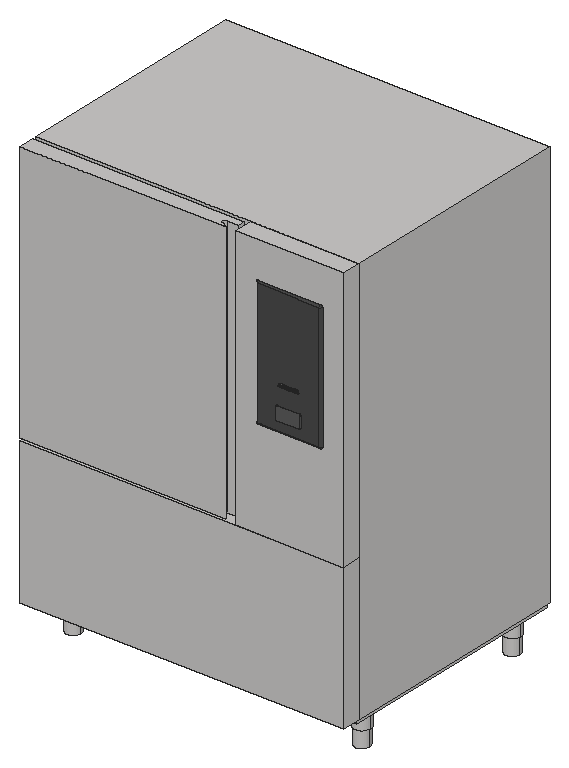
Revit family "QF_ALPENINOX_729255_ABFA12RE", category Specialty Equipment, Revit 2018 (continued)
Automatic sketch dimensions
  Split face 54 sketch curve to Extrusion 4 = 150.022 mm
  Split face 54 sketch curve to Split face 54 sketch curve = 110.016 mm
  Split face 54 sketch curve to Extrusion 4 = 147.5 mm
  Split face 54 sketch curve to Split face 54 sketch curve = 4.974 mm
  Split face 55 sketch curve to Extrusion 4 = 150.022 mm
  Split face 55 sketch curve to Split face 55 sketch curve = 110.016 mm
  Split face 55 sketch curve to Extrusion 4 = 157 mm
  Split face 55 sketch curve to Split face 55 sketch curve = 4.974 mm
  Split face 56 sketch curve to Extrusion 4 = 150.022 mm
  Split face 56 sketch curve to Split face 56 sketch curve = 110.016 mm
  Split face 56 sketch curve to Extrusion 4 = 166.5 mm
  Split face 56 sketch curve to Split face 56 sketch curve = 4.974 mm
  Split face 57 sketch curve to Extrusion 4 = 150.022 mm
  Split face 57 sketch curve to Split face 57 sketch curve = 110.016 mm
  Split face 57 sketch curve to Extrusion 4 = 176 mm
  Split face 57 sketch curve to Split face 57 sketch curve = 4.974 mm
  Split face 58 sketch curve to Extrusion 4 = 150.022 mm
  Split face 58 sketch curve to Split face 58 sketch curve = 110.016 mm
  Split face 58 sketch curve to Extrusion 4 = 185.5 mm
  Split face 58 sketch curve to Split face 58 sketch curve = 4.974 mm
  Split face 59 sketch curve to Extrusion 4 = 150.022 mm
  Split face 59 sketch curve to Split face 59 sketch curve = 110.016 mm
  Split face 59 sketch curve to Extrusion 4 = 195 mm
  Split face 59 sketch curve to Split face 59 sketch curve = 4.974 mm
  Split face 60 sketch curve to Extrusion 4 = 150.022 mm
  Split face 60 sketch curve to Split face 60 sketch curve = 110.016 mm
  Split face 60 sketch curve to Extrusion 4 = 204.5 mm
  Split face 60 sketch curve to Split face 60 sketch curve = 4.974 mm
  Split face 61 sketch curve to Extrusion 4 = 150.022 mm
  Split face 61 sketch curve to Split face 61 sketch curve = 110.016 mm
  Split face 61 sketch curve to Extrusion 4 = 214 mm
  Split face 61 sketch curve to Split face 61 sketch curve = 4.974 mm
  Split face 62 sketch curve to Extrusion 4 = 150.022 mm
  Split face 62 sketch curve to Split face 62 sketch curve = 110.016 mm
  Split face 62 sketch curve to Extrusion 4 = 223.5 mm
  Split face 62 sketch curve to Split face 62 sketch curve = 4.974 mm
  Split face 63 sketch curve to Extrusion 4 = 150.022 mm
  Split face 63 sketch curve to Split face 63 sketch curve = 110.016 mm
  Split face 63 sketch curve to Extrusion 4 = 233.001 mm
  Split face 63 sketch curve to Split face 63 sketch curve = 4.974 mm
  Split face 64 sketch curve to Extrusion 4 = 150.022 mm
  Split face 64 sketch curve to Split face 64 sketch curve = 110.016 mm
  Split face 64 sketch curve to Extrusion 4 = 242.501 mm
  Split face 64 sketch curve to Split face 64 sketch curve = 4.974 mm
  Split face 65 sketch curve to Extrusion 4 = 150.022 mm
  Split face 65 sketch curve to Split face 65 sketch curve = 110.016 mm
  Split face 65 sketch curve to Extrusion 4 = 252.001 mm
  Split face 65 sketch curve to Split face 65 sketch curve = 4.974 mm
  Split face 66 sketch curve to Extrusion 4 = 150.022 mm
  Split face 66 sketch curve to Split face 66 sketch curve = 110.016 mm
  Split face 66 sketch curve to Extrusion 4 = 261.501 mm
  Split face 66 sketch curve to Split face 66 sketch curve = 4.974 mm
  Split face 67 sketch curve to Extrusion 4 = 150.022 mm
  Split face 67 sketch curve to Split face 67 sketch curve = 110.016 mm
  Split face 67 sketch curve to Extrusion 4 = 271.001 mm
  Split face 67 sketch curve to Split face 67 sketch curve = 4.974 mm
  Split face 68 sketch curve to Extrusion 4 = 150.022 mm
  Split face 68 sketch curve to Split face 68 sketch curve = 110.016 mm
  Split face 68 sketch curve to Extrusion 4 = 279.479 mm
  Split face 68 sketch curve to Split face 68 sketch curve = 4.974 mm
  Split face 69 sketch curve to Extrusion 4 = 150.022 mm
  Split face 69 sketch curve to Split face 69 sketch curve = 110.016 mm
  Split face 69 sketch curve to Extrusion 4 = 269.979 mm
  Split face 69 sketch curve to Split face 69 sketch curve = 4.974 mm
  Split face 70 sketch curve to Extrusion 4 = 150.022 mm
  Split face 70 sketch curve to Split face 70 sketch curve = 110.016 mm
  Split face 70 sketch curve to Extrusion 4 = 260.479 mm
  Split face 70 sketch curve to Split face 70 sketch curve = 4.974 mm
  Split face 71 sketch curve to Extrusion 4 = 150.022 mm
  Split face 71 sketch curve to Split face 71 sketch curve = 110.016 mm
  Split face 71 sketch curve to Extrusion 4 = 250.978 mm
  Split face 71 sketch curve to Split face 71 sketch curve = 4.974 mm
  Split face 72 sketch curve to Extrusion 4 = 150.022 mm
  Split face 72 sketch curve to Split face 72 sketch curve = 110.016 mm
  Split face 72 sketch curve to Extrusion 4 = 241.478 mm
  Split face 72 sketch curve to Split face 72 sketch curve = 4.974 mm
  Split face 73 sketch curve to Extrusion 4 = 150.022 mm
  Split face 73 sketch curve to Split face 73 sketch curve = 110.016 mm
  Split face 73 sketch curve to Extrusion 4 = 231.978 mm
  Split face 73 sketch curve to Split face 73 sketch curve = 4.974 mm
  Split face 74 sketch curve to Extrusion 4 = 150.022 mm
  Split face 74 sketch curve to Split face 74 sketch curve = 110.016 mm
  Split face 74 sketch curve to Extrusion 4 = 222.478 mm
  Split face 74 sketch curve to Split face 74 sketch curve = 4.974 mm
  Split face 75 sketch curve to Extrusion 4 = 150.022 mm
  Split face 75 sketch curve to Split face 75 sketch curve = 110.016 mm
  Split face 75 sketch curve to Extrusion 4 = 212.978 mm
  Split face 75 sketch curve to Split face 75 sketch curve = 4.974 mm
  Split face 76 sketch curve to Extrusion 4 = 150.022 mm
  Split face 76 sketch curve to Split face 76 sketch curve = 110.016 mm
  Split face 76 sketch curve to Extrusion 4 = 203.478 mm
  Split face 76 sketch curve to Split face 76 sketch curve = 4.974 mm
  Split face 77 sketch curve to Extrusion 4 = 150.022 mm
  Split face 77 sketch curve to Split face 77 sketch curve = 110.016 mm
  Split face 77 sketch curve to Extrusion 4 = 193.978 mm
  Split face 77 sketch curve to Split face 77 sketch curve = 4.974 mm
  Split face 78 sketch curve to Extrusion 4 = 150.022 mm
  Split face 78 sketch curve to Split face 78 sketch curve = 110.016 mm
  Split face 78 sketch curve to Extrusion 4 = 184.478 mm
  Split face 78 sketch curve to Split face 78 sketch curve = 4.974 mm
  Split face 79 sketch curve to Extrusion 4 = 150.022 mm
  Split face 79 sketch curve to Split face 79 sketch curve = 110.016 mm
  Split face 79 sketch curve to Extrusion 4 = 174.978 mm
  Split face 79 sketch curve to Split face 79 sketch curve = 4.974 mm
  Split face 80 sketch curve to Extrusion 4 = 150.022 mm
  Split face 80 sketch curve to Split face 80 sketch curve = 110.016 mm
  Split face 80 sketch curve to Extrusion 4 = 165.478 mm
  Split face 80 sketch curve to Split face 80 sketch curve = 4.974 mm
  Split face 81 sketch curve to Extrusion 4 = 150.022 mm
  Split face 81 sketch curve to Split face 81 sketch curve = 110.016 mm
  Split face 81 sketch curve to Extrusion 4 = 155.978 mm
  Split face 81 sketch curve to Split face 81 sketch curve = 4.974 mm
  Split face 82 sketch curve to Extrusion 4 = 150.022 mm
  Split face 82 sketch curve to Split face 82 sketch curve = 110.016 mm
  Split face 82 sketch curve to Extrusion 4 = 146.478 mm
  Split face 82 sketch curve to Split face 82 sketch curve = 4.974 mm
  Split face 83 sketch curve to Extrusion 4 = 33.499 mm
  Split face 83 sketch curve to Extrusion 4 = 270.014 mm
  Split face 83 sketch curve to Extrusion 4 = 28.525 mm
  Split face 83 sketch curve to Split face 83 sketch curve = 110.016 mm
  Split face 84 sketch curve to Extrusion 4 = 42.999 mm
  Split face 84 sketch curve to Extrusion 4 = 270.014 mm
  Split face 84 sketch curve to Extrusion 4 = 38.025 mm
  Split face 84 sketch curve to Split face 84 sketch curve = 110.016 mm
  Split face 85 sketch curve to Extrusion 4 = 52.499 mm
  Split face 85 sketch curve to Extrusion 4 = 270.014 mm
  Split face 85 sketch curve to Extrusion 4 = 47.525 mm
  Split face 85 sketch curve to Split face 85 sketch curve = 110.016 mm
  Split face 86 sketch curve to Extrusion 4 = 61.999 mm
  Split face 86 sketch curve to Extrusion 4 = 270.014 mm
  Split face 86 sketch curve to Split face 86 sketch curve = 110.016 mm
  Split face 86 sketch curve to Split face 86 sketch curve = 4.974 mm
  Split face 87 sketch curve to Extrusion 4 = 71.499 mm
  Split face 87 sketch curve to Extrusion 4 = 270.014 mm
  Split face 87 sketch curve to Split face 87 sketch curve = 110.016 mm
  Split face 87 sketch curve to Split face 87 sketch curve = 4.974 mm
  Split face 88 sketch curve to Extrusion 4 = 80.999 mm
  Split face 88 sketch curve to Extrusion 4 = 270.014 mm
  Split face 88 sketch curve to Split face 88 sketch curve = 110.016 mm
  Split face 88 sketch curve to Split face 88 sketch curve = 4.974 mm
  Split face 89 sketch curve to Extrusion 4 = 90.499 mm
  Split face 89 sketch curve to Extrusion 4 = 270.014 mm
  Split face 89 sketch curve to Split face 89 sketch curve = 110.016 mm
  Split face 89 sketch curve to Split face 89 sketch curve = 4.974 mm
  Split face 90 sketch curve to Extrusion 4 = 99.999 mm
  Split face 90 sketch curve to Extrusion 4 = 270.014 mm
  Split face 90 sketch curve to Split face 90 sketch curve = 110.016 mm
  Split face 90 sketch curve to Split face 90 sketch curve = 4.974 mm
  Split face 91 sketch curve to Extrusion 4 = 109.499 mm
  Split face 91 sketch curve to Extrusion 4 = 270.014 mm
  Split face 91 sketch curve to Split face 91 sketch curve = 110.016 mm
  Split face 91 sketch curve to Split face 91 sketch curve = 4.974 mm
  Split face 92 sketch curve to Extrusion 4 = 119 mm
  Split face 92 sketch curve to Extrusion 4 = 270.014 mm
  Split face 92 sketch curve to Split face 92 sketch curve = 110.016 mm
  Split face 92 sketch curve to Split face 92 sketch curve = 4.974 mm
  Split face 93 sketch curve to Extrusion 4 = 128.5 mm
  Split face 93 sketch curve to Extrusion 4 = 270.014 mm
  Split face 93 sketch curve to Split face 93 sketch curve = 110.016 mm
  Split face 93 sketch curve to Split face 93 sketch curve = 4.974 mm
  Split face 94 sketch curve to Extrusion 4 = 270.014 mm
  Split face 94 sketch curve to Split face 94 sketch curve = 110.016 mm
  Split face 94 sketch curve to Extrusion 4 = 138 mm
  Split face 94 sketch curve to Split face 94 sketch curve = 4.974 mm
  Split face 95 sketch curve to Extrusion 4 = 270.014 mm
  Split face 95 sketch curve to Split face 95 sketch curve = 110.016 mm
  Split face 95 sketch curve to Extrusion 4 = 147.5 mm
  Split face 95 sketch curve to Split face 95 sketch curve = 4.974 mm
  Split face 96 sketch curve to Extrusion 4 = 270.014 mm
  Split face 96 sketch curve to Split face 96 sketch curve = 110.016 mm
  Split face 96 sketch curve to Extrusion 4 = 157 mm
  Split face 96 sketch curve to Split face 96 sketch curve = 4.974 mm
  Split face 97 sketch curve to Extrusion 4 = 270.014 mm
  Split face 97 sketch curve to Split face 97 sketch curve = 110.016 mm
  Split face 97 sketch curve to Extrusion 4 = 166.5 mm
  Split face 97 sketch curve to Split face 97 sketch curve = 4.974 mm
  Split face 98 sketch curve to Extrusion 4 = 270.014 mm
  Split face 98 sketch curve to Split face 98 sketch curve = 110.016 mm
  Split face 98 sketch curve to Extrusion 4 = 176 mm
  Split face 98 sketch curve to Split face 98 sketch curve = 4.974 mm
  Split face 99 sketch curve to Extrusion 4 = 270.014 mm
  Split face 99 sketch curve to Split face 99 sketch curve = 110.016 mm
  Split face 99 sketch curve to Extrusion 4 = 185.5 mm
  Split face 99 sketch curve to Split face 99 sketch curve = 4.974 mm
  Split face 100 sketch curve to Extrusion 4 = 270.014 mm
  Split face 100 sketch curve to Split face 100 sketch curve = 110.016 mm
  Split face 100 sketch curve to Extrusion 4 = 195 mm
  Split face 100 sketch curve to Split face 100 sketch curve = 4.974 mm
  Split face 101 sketch curve to Extrusion 4 = 270.014 mm
  Split face 101 sketch curve to Split face 101 sketch curve = 110.016 mm
  Split face 101 sketch curve to Extrusion 4 = 204.5 mm
  Split face 101 sketch curve to Split face 101 sketch curve = 4.974 mm
  Split face 102 sketch curve to Extrusion 4 = 270.014 mm
  Split face 102 sketch curve to Split face 102 sketch curve = 110.016 mm
  Split face 102 sketch curve to Extrusion 4 = 214 mm
  Split face 102 sketch curve to Split face 102 sketch curve = 4.974 mm
  Split face 103 sketch curve to Extrusion 4 = 270.014 mm
  Split face 103 sketch curve to Split face 103 sketch curve = 110.016 mm
  Split face 103 sketch curve to Extrusion 4 = 223.5 mm
  Split face 103 sketch curve to Split face 103 sketch curve = 4.974 mm
  Split face 104 sketch curve to Extrusion 4 = 270.014 mm
  Split face 104 sketch curve to Split face 104 sketch curve = 110.016 mm
  Split face 104 sketch curve to Extrusion 4 = 233.001 mm
  Split face 104 sketch curve to Split face 104 sketch curve = 4.974 mm
  Split face 105 sketch curve to Extrusion 4 = 270.014 mm
  Split face 105 sketch curve to Split face 105 sketch curve = 110.016 mm
  Split face 105 sketch curve to Extrusion 4 = 242.501 mm
  Split face 105 sketch curve to Split face 105 sketch curve = 4.974 mm
  Split face 106 sketch curve to Extrusion 4 = 270.014 mm
  Split face 106 sketch curve to Split face 106 sketch curve = 110.016 mm
  Split face 106 sketch curve to Extrusion 4 = 252.001 mm
  Split face 106 sketch curve to Split face 106 sketch curve = 4.974 mm
  Split face 107 sketch curve to Extrusion 4 = 270.014 mm
  Split face 107 sketch curve to Split face 107 sketch curve = 110.016 mm
  Split face 107 sketch curve to Extrusion 4 = 261.501 mm
  Split face 107 sketch curve to Split face 107 sketch curve = 4.974 mm
  Split face 108 sketch curve to Extrusion 4 = 270.014 mm
  Split face 108 sketch curve to Split face 108 sketch curve = 110.016 mm
  Split face 108 sketch curve to Extrusion 4 = 271.001 mm
  Split face 108 sketch curve to Split face 108 sketch curve = 4.974 mm
  Split face 109 sketch curve to Extrusion 4 = 270.014 mm
  Split face 109 sketch curve to Split face 109 sketch curve = 110.016 mm
  Split face 109 sketch curve to Extrusion 4 = 279.479 mm
  Split face 109 sketch curve to Split face 109 sketch curve = 4.974 mm
  Split face 110 sketch curve to Extrusion 4 = 270.014 mm
  Split face 110 sketch curve to Split face 110 sketch curve = 110.016 mm
  Split face 110 sketch curve to Extrusion 4 = 269.979 mm
  Split face 110 sketch curve to Split face 110 sketch curve = 4.974 mm
  Split face 111 sketch curve to Extrusion 4 = 270.014 mm
  Split face 111 sketch curve to Split face 111 sketch curve = 110.016 mm
  Split face 111 sketch curve to Extrusion 4 = 260.479 mm
  Split face 111 sketch curve to Split face 111 sketch curve = 4.974 mm
  Split face 112 sketch curve to Extrusion 4 = 270.014 mm
  Split face 112 sketch curve to Split face 112 sketch curve = 110.016 mm
  Split face 112 sketch curve to Extrusion 4 = 250.978 mm
  Split face 112 sketch curve to Split face 112 sketch curve = 4.974 mm
  Split face 113 sketch curve to Extrusion 4 = 270.014 mm
  Split face 113 sketch curve to Split face 113 sketch curve = 110.016 mm
  Split face 113 sketch curve to Extrusion 4 = 241.478 mm
  Split face 113 sketch curve to Split face 113 sketch curve = 4.974 mm
  Split face 114 sketch curve to Extrusion 4 = 270.014 mm
  Split face 114 sketch curve to Split face 114 sketch curve = 110.016 mm
  Split face 114 sketch curve to Extrusion 4 = 231.978 mm
  Split face 114 sketch curve to Split face 114 sketch curve = 4.974 mm
  Split face 115 sketch curve to Extrusion 4 = 270.014 mm
  Split face 115 sketch curve to Split face 115 sketch curve = 110.016 mm
  Split face 115 sketch curve to Extrusion 4 = 222.478 mm
  Split face 115 sketch curve to Split face 115 sketch curve = 4.974 mm
  Split face 116 sketch curve to Extrusion 4 = 270.014 mm
  Split face 116 sketch curve to Split face 116 sketch curve = 110.016 mm
  Split face 116 sketch curve to Extrusion 4 = 212.978 mm
  Split face 116 sketch curve to Split face 116 sketch curve = 4.974 mm
  Split face 117 sketch curve to Extrusion 4 = 270.014 mm
  Split face 117 sketch curve to Split face 117 sketch curve = 110.016 mm
  Split face 117 sketch curve to Extrusion 4 = 203.478 mm
  Split face 117 sketch curve to Split face 117 sketch curve = 4.974 mm
  Split face 118 sketch curve to Extrusion 4 = 270.014 mm
  Split face 118 sketch curve to Split face 118 sketch curve = 110.016 mm
  Split face 118 sketch curve to Extrusion 4 = 193.978 mm
  Split face 118 sketch curve to Split face 118 sketch curve = 4.974 mm
  Split face 119 sketch curve to Extrusion 4 = 270.014 mm
  Split face 119 sketch curve to Split face 119 sketch curve = 110.016 mm
  Split face 119 sketch curve to Extrusion 4 = 184.478 mm
  Split face 119 sketch curve to Split face 119 sketch curve = 4.974 mm
  Split face 120 sketch curve to Extrusion 4 = 270.014 mm
  Split face 120 sketch curve to Split face 120 sketch curve = 110.016 mm
  Split face 120 sketch curve to Extrusion 4 = 174.978 mm
  Split face 120 sketch curve to Split face 120 sketch curve = 4.974 mm
  Split face 121 sketch curve to Extrusion 4 = 270.014 mm
  Split face 121 sketch curve to Split face 121 sketch curve = 110.016 mm
  Split face 121 sketch curve to Extrusion 4 = 165.478 mm
  Split face 121 sketch curve to Split face 121 sketch curve = 4.974 mm
  Split face 122 sketch curve to Extrusion 4 = 270.014 mm
  Split face 122 sketch curve to Split face 122 sketch curve = 110.016 mm
  Split face 122 sketch curve to Extrusion 4 = 155.978 mm
  Split face 122 sketch curve to Split face 122 sketch curve = 4.974 mm
  Split face 123 sketch curve to Extrusion 4 = 270.014 mm
  Split face 123 sketch curve to Split face 123 sketch curve = 110.016 mm
  Split face 123 sketch curve to Extrusion 4 = 146.478 mm
  Split face 123 sketch curve to Split face 123 sketch curve = 4.974 mm
  Split face 124 sketch curve to Extrusion 4 = 33.499 mm
  Split face 124 sketch curve to Extrusion 4 = 390.005 mm
  Split face 124 sketch curve to Extrusion 4 = 28.525 mm
  Split face 124 sketch curve to Split face 124 sketch curve = 110.016 mm
  Split face 125 sketch curve to Extrusion 4 = 42.999 mm
  Split face 125 sketch curve to Extrusion 4 = 390.005 mm
  Split face 125 sketch curve to Extrusion 4 = 38.025 mm
  Split face 125 sketch curve to Split face 125 sketch curve = 110.016 mm
  Split face 126 sketch curve to Extrusion 4 = 52.499 mm
  Split face 126 sketch curve to Extrusion 4 = 390.005 mm
  Split face 126 sketch curve to Extrusion 4 = 47.525 mm
  Split face 126 sketch curve to Split face 126 sketch curve = 110.016 mm
  Split face 127 sketch curve to Extrusion 4 = 61.999 mm
  Split face 127 sketch curve to Extrusion 4 = 390.005 mm
  Split face 127 sketch curve to Split face 127 sketch curve = 110.016 mm
  Split face 127 sketch curve to Split face 127 sketch curve = 4.974 mm
  Split face 128 sketch curve to Extrusion 4 = 71.499 mm
  Split face 128 sketch curve to Extrusion 4 = 390.005 mm
  Split face 128 sketch curve to Split face 128 sketch curve = 110.016 mm
  Split face 128 sketch curve to Split face 128 sketch curve = 4.974 mm
  Split face 129 sketch curve to Extrusion 4 = 80.999 mm
  Split face 129 sketch curve to Extrusion 4 = 390.005 mm
  Split face 129 sketch curve to Split face 129 sketch curve = 110.016 mm
  Split face 129 sketch curve to Split face 129 sketch curve = 4.974 mm
  Split face 130 sketch curve to Extrusion 4 = 90.499 mm
  Split face 130 sketch curve to Extrusion 4 = 390.005 mm
  Split face 130 sketch curve to Split face 130 sketch curve = 110.016 mm
  Split face 130 sketch curve to Split face 130 sketch curve = 4.974 mm
  Split face 131 sketch curve to Extrusion 4 = 99.999 mm
  Split face 131 sketch curve to Extrusion 4 = 390.005 mm
  Split face 131 sketch curve to Split face 131 sketch curve = 110.016 mm
  Split face 131 sketch curve to Split face 131 sketch curve = 4.974 mm
  Split face 132 sketch curve to Extrusion 4 = 109.499 mm
  Split face 132 sketch curve to Extrusion 4 = 390.005 mm
  Split face 132 sketch curve to Split face 132 sketch curve = 110.016 mm
  Split face 132 sketch curve to Split face 132 sketch curve = 4.974 mm
  Split face 133 sketch curve to Extrusion 4 = 119 mm
  Split face 133 sketch curve to Extrusion 4 = 390.005 mm
  Split face 133 sketch curve to Split face 133 sketch curve = 110.016 mm
  Split face 133 sketch curve to Split face 133 sketch curve = 4.974 mm
  Split face 134 sketch curve to Extrusion 4 = 128.5 mm
  Split face 134 sketch curve to Extrusion 4 = 390.005 mm
  Split face 134 sketch curve to Split face 134 sketch curve = 110.016 mm
  Split face 134 sketch curve to Split face 134 sketch curve = 4.974 mm
  Split face 135 sketch curve to Extrusion 4 = 138 mm
  Split face 135 sketch curve to Extrusion 4 = 390.005 mm
  Split face 135 sketch curve to Split face 135 sketch curve = 110.016 mm
  Split face 135 sketch curve to Split face 135 sketch curve = 4.974 mm
  Split face 136 sketch curve to Extrusion 4 = 147.5 mm
  Split face 136 sketch curve to Extrusion 4 = 390.005 mm
  Split face 136 sketch curve to Split face 136 sketch curve = 110.016 mm
  Split face 136 sketch curve to Split face 136 sketch curve = 4.974 mm
  Split face 137 sketch curve to Extrusion 4 = 157 mm
  Split face 137 sketch curve to Extrusion 4 = 390.005 mm
  Split face 137 sketch curve to Split face 137 sketch curve = 110.016 mm
  Split face 137 sketch curve to Split face 137 sketch curve = 4.974 mm
  Split face 138 sketch curve to Extrusion 4 = 166.5 mm
  Split face 138 sketch curve to Extrusion 4 = 390.005 mm
  Split face 138 sketch curve to Split face 138 sketch curve = 110.016 mm
  Split face 138 sketch curve to Split face 138 sketch curve = 4.974 mm
  Split face 139 sketch curve to Extrusion 4 = 176 mm
  Split face 139 sketch curve to Extrusion 4 = 390.005 mm
  Split face 139 sketch curve to Split face 139 sketch curve = 110.016 mm
  Split face 139 sketch curve to Split face 139 sketch curve = 4.974 mm
  Split face 140 sketch curve to Extrusion 4 = 185.5 mm
  Split face 140 sketch curve to Extrusion 4 = 390.005 mm
  Split face 140 sketch curve to Split face 140 sketch curve = 110.016 mm
  Split face 140 sketch curve to Split face 140 sketch curve = 4.974 mm
  Split face 141 sketch curve to Extrusion 4 = 195 mm
  Split face 141 sketch curve to Extrusion 4 = 390.005 mm
  Split face 141 sketch curve to Split face 141 sketch curve = 110.016 mm
  Split face 141 sketch curve to Split face 141 sketch curve = 4.974 mm
  Split face 142 sketch curve to Extrusion 4 = 390.005 mm
  Split face 142 sketch curve to Split face 142 sketch curve = 110.016 mm
  Split face 142 sketch curve to Extrusion 4 = 204.5 mm
  Split face 142 sketch curve to Split face 142 sketch curve = 4.974 mm
  Split face 143 sketch curve to Extrusion 4 = 390.005 mm
  Split face 143 sketch curve to Split face 143 sketch curve = 110.016 mm
  Split face 143 sketch curve to Extrusion 4 = 214 mm
  Split face 143 sketch curve to Split face 143 sketch curve = 4.974 mm
  Split face 144 sketch curve to Extrusion 4 = 390.005 mm
  Split face 144 sketch curve to Split face 144 sketch curve = 110.016 mm
  Split face 144 sketch curve to Extrusion 4 = 223.5 mm
  Split face 144 sketch curve to Split face 144 sketch curve = 4.974 mm
  Split face 145 sketch curve to Extrusion 4 = 390.005 mm
  Split face 145 sketch curve to Split face 145 sketch curve = 110.016 mm
  Split face 145 sketch curve to Extrusion 4 = 233.001 mm
  Split face 145 sketch curve to Split face 145 sketch curve = 4.974 mm
  Split face 146 sketch curve to Extrusion 4 = 390.005 mm
  Split face 146 sketch curve to Split face 146 sketch curve = 110.016 mm
  Split face 146 sketch curve to Extrusion 4 = 242.501 mm
  Split face 146 sketch curve to Split face 146 sketch curve = 4.974 mm
  Split face 147 sketch curve to Extrusion 4 = 390.005 mm
  Split face 147 sketch curve to Split face 147 sketch curve = 110.016 mm
  Split face 147 sketch curve to Extrusion 4 = 252.001 mm
  Split face 147 sketch curve to Split face 147 sketch curve = 4.974 mm
  Split face 148 sketch curve to Extrusion 4 = 390.005 mm
  Split face 148 sketch curve to Split face 148 sketch curve = 110.016 mm
  Split face 148 sketch curve to Extrusion 4 = 261.501 mm
  Split face 148 sketch curve to Split face 148 sketch curve = 4.974 mm
  Split face 149 sketch curve to Extrusion 4 = 390.005 mm
  Split face 149 sketch curve to Split face 149 sketch curve = 110.016 mm
  Split face 149 sketch curve to Extrusion 4 = 271.001 mm
  Split face 149 sketch curve to Split face 149 sketch curve = 4.974 mm
  Split face 150 sketch curve to Extrusion 4 = 390.005 mm
  Split face 150 sketch curve to Split face 150 sketch curve = 110.016 mm
  Split face 150 sketch curve to Extrusion 4 = 279.479 mm
  Split face 150 sketch curve to Split face 150 sketch curve = 4.974 mm
  Split face 151 sketch curve to Extrusion 4 = 390.005 mm
  Split face 151 sketch curve to Split face 151 sketch curve = 110.016 mm
  Split face 151 sketch curve to Extrusion 4 = 269.979 mm
  Split face 151 sketch curve to Split face 151 sketch curve = 4.974 mm
  Split face 152 sketch curve to Extrusion 4 = 390.005 mm
  Split face 152 sketch curve to Split face 152 sketch curve = 110.016 mm
  Split face 152 sketch curve to Extrusion 4 = 260.479 mm
  Split face 152 sketch curve to Split face 152 sketch curve = 4.974 mm
  Split face 153 sketch curve to Extrusion 4 = 390.005 mm
  Split face 153 sketch curve to Split face 153 sketch curve = 110.016 mm
  Split face 153 sketch curve to Extrusion 4 = 250.978 mm
  Split face 153 sketch curve to Split face 153 sketch curve = 4.974 mm
  Split face 154 sketch curve to Extrusion 4 = 390.005 mm
  Split face 154 sketch curve to Split face 154 sketch curve = 110.016 mm
  Split face 154 sketch curve to Extrusion 4 = 241.478 mm
  Split face 154 sketch curve to Split face 154 sketch curve = 4.974 mm
  Split face 155 sketch curve to Extrusion 4 = 390.005 mm
  Split face 155 sketch curve to Split face 155 sketch curve = 110.016 mm
  Split face 155 sketch curve to Extrusion 4 = 231.978 mm
  Split face 155 sketch curve to Split face 155 sketch curve = 4.974 mm
  Split face 156 sketch curve to Extrusion 4 = 390.005 mm
  Split face 156 sketch curve to Split face 156 sketch curve = 110.016 mm
  Split face 156 sketch curve to Extrusion 4 = 222.478 mm
  Split face 156 sketch curve to Split face 156 sketch curve = 4.974 mm
  Split face 157 sketch curve to Extrusion 4 = 390.005 mm
  Split face 157 sketch curve to Split face 157 sketch curve = 110.016 mm
  Split face 157 sketch curve to Extrusion 4 = 212.978 mm
  Split face 157 sketch curve to Split face 157 sketch curve = 4.974 mm
  Split face 158 sketch curve to Extrusion 4 = 390.005 mm
  Split face 158 sketch curve to Split face 158 sketch curve = 110.016 mm
  Split face 158 sketch curve to Extrusion 4 = 203.478 mm
  Split face 158 sketch curve to Split face 158 sketch curve = 4.974 mm
  Split face 159 sketch curve to Extrusion 4 = 193.978 mm
  Split face 159 sketch curve to Extrusion 4 = 390.005 mm
  Split face 159 sketch curve to Split face 159 sketch curve = 110.016 mm
  Split face 159 sketch curve to Split face 159 sketch curve = 4.974 mm
  Split face 160 sketch curve to Extrusion 4 = 184.478 mm
  Split face 160 sketch curve to Extrusion 4 = 390.005 mm
  Split face 160 sketch curve to Split face 160 sketch curve = 110.016 mm
  Split face 160 sketch curve to Split face 160 sketch curve = 4.974 mm
  Split face 161 sketch curve to Extrusion 4 = 174.978 mm
  Split face 161 sketch curve to Extrusion 4 = 390.005 mm
  Split face 161 sketch curve to Split face 161 sketch curve = 110.016 mm
  Split face 161 sketch curve to Split face 161 sketch curve = 4.974 mm
  Split face 162 sketch curve to Extrusion 4 = 165.478 mm
  Split face 162 sketch curve to Extrusion 4 = 390.005 mm
  Split face 162 sketch curve to Split face 162 sketch curve = 110.016 mm
  Split face 162 sketch curve to Split face 162 sketch curve = 4.974 mm
  Split face 163 sketch curve to Extrusion 4 = 155.978 mm
  Split face 163 sketch curve to Extrusion 4 = 390.005 mm
  Split face 163 sketch curve to Split face 163 sketch curve = 110.016 mm
  Split face 163 sketch curve to Split face 163 sketch curve = 4.974 mm
  Split face 164 sketch curve to Extrusion 4 = 146.478 mm
  Split face 164 sketch curve to Extrusion 4 = 390.005 mm
  Split face 164 sketch curve to Split face 164 sketch curve = 110.016 mm
  Split face 164 sketch curve to Split face 164 sketch curve = 4.974 mm
  Split face 165 sketch curve to Extrusion 4 = 33.499 mm
  Split face 165 sketch curve to Extrusion 4 = 380.03 mm
  Split face 165 sketch curve to Extrusion 4 = 28.525 mm
  Split face 165 sketch curve to Split face 165 sketch curve = 110.016 mm
  Split face 166 sketch curve to Extrusion 4 = 42.999 mm
  Split face 166 sketch curve to Extrusion 4 = 380.03 mm
  Split face 166 sketch curve to Extrusion 4 = 38.025 mm
  Split face 166 sketch curve to Split face 166 sketch curve = 110.016 mm
  Split face 167 sketch curve to Extrusion 4 = 52.499 mm
  Split face 167 sketch curve to Extrusion 4 = 380.03 mm
  Split face 167 sketch curve to Extrusion 4 = 47.525 mm
  Split face 167 sketch curve to Split face 167 sketch curve = 110.016 mm
  Split face 168 sketch curve to Extrusion 4 = 61.999 mm
  Split face 168 sketch curve to Extrusion 4 = 380.03 mm
  Split face 168 sketch curve to Split face 168 sketch curve = 110.016 mm
  Split face 168 sketch curve to Split face 168 sketch curve = 4.974 mm
  Split face 169 sketch curve to Extrusion 4 = 71.499 mm
  Split face 169 sketch curve to Extrusion 4 = 380.03 mm
  Split face 169 sketch curve to Split face 169 sketch curve = 110.016 mm
  Split face 169 sketch curve to Split face 169 sketch curve = 4.974 mm
  Split face 170 sketch curve to Extrusion 4 = 80.999 mm
  Split face 170 sketch curve to Extrusion 4 = 380.03 mm
  Split face 170 sketch curve to Split face 170 sketch curve = 110.016 mm
  Split face 170 sketch curve to Split face 170 sketch curve = 4.974 mm
  Split face 171 sketch curve to Extrusion 4 = 90.499 mm
  Split face 171 sketch curve to Extrusion 4 = 380.03 mm
  Split face 171 sketch curve to Split face 171 sketch curve = 110.016 mm
  Split face 171 sketch curve to Split face 171 sketch curve = 4.974 mm
  Split face 172 sketch curve to Extrusion 4 = 99.999 mm
  Split face 172 sketch curve to Extrusion 4 = 380.03 mm
  Split face 172 sketch curve to Split face 172 sketch curve = 110.016 mm
  Split face 172 sketch curve to Split face 172 sketch curve = 4.974 mm
  Split face 173 sketch curve to Extrusion 4 = 109.499 mm
  Split face 173 sketch curve to Extrusion 4 = 380.03 mm
  Split face 173 sketch curve to Split face 173 sketch curve = 110.016 mm
  Split face 173 sketch curve to Split face 173 sketch curve = 4.974 mm
  Split face 174 sketch curve to Extrusion 4 = 119 mm
  Split face 174 sketch curve to Extrusion 4 = 380.03 mm
  Split face 174 sketch curve to Split face 174 sketch curve = 110.016 mm
  Split face 174 sketch curve to Split face 174 sketch curve = 4.974 mm
  Split face 175 sketch curve to Extrusion 4 = 128.5 mm
  Split face 175 sketch curve to Extrusion 4 = 380.03 mm
  Split face 175 sketch curve to Split face 175 sketch curve = 110.016 mm
  Split face 175 sketch curve to Split face 175 sketch curve = 4.974 mm
  Split face 176 sketch curve to Extrusion 4 = 138 mm
  Split face 176 sketch curve to Extrusion 4 = 380.03 mm
  Split face 176 sketch curve to Split face 176 sketch curve = 110.016 mm
  Split face 176 sketch curve to Split face 176 sketch curve = 4.974 mm
  Split face 177 sketch curve to Extrusion 4 = 147.5 mm
  Split face 177 sketch curve to Extrusion 4 = 380.03 mm
  Split face 177 sketch curve to Split face 177 sketch curve = 110.016 mm
  Split face 177 sketch curve to Split face 177 sketch curve = 4.974 mm
  Split face 178 sketch curve to Extrusion 4 = 157 mm
  Split face 178 sketch curve to Extrusion 4 = 380.03 mm
  Split face 178 sketch curve to Split face 178 sketch curve = 110.016 mm
  Split face 178 sketch curve to Split face 178 sketch curve = 4.974 mm
  Split face 179 sketch curve to Extrusion 4 = 166.5 mm
  Split face 179 sketch curve to Extrusion 4 = 380.03 mm
  Split face 179 sketch curve to Split face 179 sketch curve = 110.016 mm
  Split face 179 sketch curve to Split face 179 sketch curve = 4.974 mm
  Split face 180 sketch curve to Extrusion 4 = 176 mm
  Split face 180 sketch curve to Extrusion 4 = 380.03 mm
  Split face 180 sketch curve to Split face 180 sketch curve = 110.016 mm
  Split face 180 sketch curve to Split face 180 sketch curve = 4.974 mm
  Split face 181 sketch curve to Extrusion 4 = 185.5 mm
  Split face 181 sketch curve to Extrusion 4 = 380.03 mm
  Split face 181 sketch curve to Split face 181 sketch curve = 110.016 mm
  Split face 181 sketch curve to Split face 181 sketch curve = 4.974 mm
  Split face 182 sketch curve to Extrusion 4 = 380.03 mm
  Split face 182 sketch curve to Split face 182 sketch curve = 110.016 mm
  Split face 182 sketch curve to Extrusion 4 = 195 mm
  Split face 182 sketch curve to Split face 182 sketch curve = 4.974 mm
  Split face 183 sketch curve to Extrusion 4 = 380.03 mm
  Split face 183 sketch curve to Split face 183 sketch curve = 110.016 mm
  Split face 183 sketch curve to Extrusion 4 = 204.5 mm
  Split face 183 sketch curve to Split face 183 sketch curve = 4.974 mm
  Split face 184 sketch curve to Extrusion 4 = 380.03 mm
  Split face 184 sketch curve to Split face 184 sketch curve = 110.016 mm
  Split face 184 sketch curve to Extrusion 4 = 214 mm
  Split face 184 sketch curve to Split face 184 sketch curve = 4.974 mm
  Split face 185 sketch curve to Extrusion 4 = 380.03 mm
  Split face 185 sketch curve to Split face 185 sketch curve = 110.016 mm
  Split face 185 sketch curve to Extrusion 4 = 223.5 mm
  Split face 185 sketch curve to Split face 185 sketch curve = 4.974 mm
  Split face 186 sketch curve to Extrusion 4 = 380.03 mm
  Split face 186 sketch curve to Split face 186 sketch curve = 110.016 mm
  Split face 186 sketch curve to Extrusion 4 = 233.001 mm
  Split face 186 sketch curve to Split face 186 sketch curve = 4.974 mm
  Split face 187 sketch curve to Extrusion 4 = 380.03 mm
  Split face 187 sketch curve to Split face 187 sketch curve = 110.016 mm
  Split face 187 sketch curve to Extrusion 4 = 242.501 mm
  Split face 187 sketch curve to Split face 187 sketch curve = 4.974 mm
  Split face 188 sketch curve to Extrusion 4 = 380.03 mm
  Split face 188 sketch curve to Split face 188 sketch curve = 110.016 mm
  Split face 188 sketch curve to Extrusion 4 = 252.001 mm
  Split face 188 sketch curve to Split face 188 sketch curve = 4.974 mm
  Split face 189 sketch curve to Extrusion 4 = 380.03 mm
  Split face 189 sketch curve to Split face 189 sketch curve = 110.016 mm
  Split face 189 sketch curve to Extrusion 4 = 261.501 mm
  Split face 189 sketch curve to Split face 189 sketch curve = 4.974 mm
  Split face 190 sketch curve to Extrusion 4 = 380.03 mm
  Split face 190 sketch curve to Split face 190 sketch curve = 110.016 mm
  Split face 190 sketch curve to Extrusion 4 = 271.001 mm
  Split face 190 sketch curve to Split face 190 sketch curve = 4.974 mm
  Split face 191 sketch curve to Extrusion 4 = 380.03 mm
  Split face 191 sketch curve to Split face 191 sketch curve = 110.016 mm
  Split face 191 sketch curve to Extrusion 4 = 279.479 mm
  Split face 191 sketch curve to Split face 191 sketch curve = 4.974 mm
  Split face 192 sketch curve to Extrusion 4 = 380.03 mm
  Split face 192 sketch curve to Split face 192 sketch curve = 110.016 mm
  Split face 192 sketch curve to Extrusion 4 = 269.979 mm
  Split face 192 sketch curve to Split face 192 sketch curve = 4.974 mm
  Split face 193 sketch curve to Extrusion 4 = 380.03 mm
  Split face 193 sketch curve to Split face 193 sketch curve = 110.016 mm
  Split face 193 sketch curve to Extrusion 4 = 260.479 mm
  Split face 193 sketch curve to Split face 193 sketch curve = 4.974 mm
  Split face 194 sketch curve to Extrusion 4 = 380.03 mm
  Split face 194 sketch curve to Split face 194 sketch curve = 110.016 mm
  Split face 194 sketch curve to Extrusion 4 = 250.978 mm
  Split face 194 sketch curve to Split face 194 sketch curve = 4.974 mm
  Split face 195 sketch curve to Extrusion 4 = 380.03 mm
  Split face 195 sketch curve to Split face 195 sketch curve = 110.016 mm
  Split face 195 sketch curve to Extrusion 4 = 241.478 mm
  Split face 195 sketch curve to Split face 195 sketch curve = 4.974 mm
  Split face 196 sketch curve to Extrusion 4 = 380.03 mm
  Split face 196 sketch curve to Split face 196 sketch curve = 110.016 mm
  Split face 196 sketch curve to Extrusion 4 = 231.978 mm
  Split face 196 sketch curve to Split face 196 sketch curve = 4.974 mm
  Split face 197 sketch curve to Extrusion 4 = 380.03 mm
  Split face 197 sketch curve to Split face 197 sketch curve = 110.016 mm
  Split face 197 sketch curve to Extrusion 4 = 222.478 mm
  Split face 197 sketch curve to Split face 197 sketch curve = 4.974 mm
  Split face 198 sketch curve to Extrusion 4 = 380.03 mm
  Split face 198 sketch curve to Split face 198 sketch curve = 110.016 mm
  Split face 198 sketch curve to Extrusion 4 = 212.978 mm
  Split face 198 sketch curve to Split face 198 sketch curve = 4.974 mm
  Split face 199 sketch curve to Extrusion 4 = 380.03 mm
  Split face 199 sketch curve to Split face 199 sketch curve = 110.016 mm
  Split face 199 sketch curve to Extrusion 4 = 203.478 mm
  Split face 199 sketch curve to Split face 199 sketch curve = 4.974 mm
  Split face 200 sketch curve to Extrusion 4 = 380.03 mm
  Split face 200 sketch curve to Split face 200 sketch curve = 110.016 mm
  Split face 200 sketch curve to Extrusion 4 = 193.978 mm
  Split face 200 sketch curve to Split face 200 sketch curve = 4.974 mm
  Split face 201 sketch curve to Extrusion 4 = 184.478 mm
  Split face 201 sketch curve to Extrusion 4 = 380.03 mm
  Split face 201 sketch curve to Split face 201 sketch curve = 110.016 mm
  Split face 201 sketch curve to Split face 201 sketch curve = 4.974 mm
  Split face 202 sketch curve to Extrusion 4 = 174.978 mm
  Split face 202 sketch curve to Extrusion 4 = 380.03 mm
  Split face 202 sketch curve to Split face 202 sketch curve = 110.016 mm
  Split face 202 sketch curve to Split face 202 sketch curve = 4.974 mm
  Split face 203 sketch curve to Extrusion 4 = 165.478 mm
  Split face 203 sketch curve to Extrusion 4 = 380.03 mm
  Split face 203 sketch curve to Split face 203 sketch curve = 110.016 mm
  Split face 203 sketch curve to Split face 203 sketch curve = 4.974 mm
  Split face 204 sketch curve to Extrusion 4 = 155.978 mm
  Split face 204 sketch curve to Extrusion 4 = 380.03 mm
  Split face 204 sketch curve to Split face 204 sketch curve = 110.016 mm
  Split face 204 sketch curve to Split face 204 sketch curve = 4.974 mm
  Split face 205 sketch curve to Extrusion 4 = 146.478 mm
  Split face 205 sketch curve to Extrusion 4 = 380.03 mm
  Split face 205 sketch curve to Split face 205 sketch curve = 110.016 mm
  Split face 205 sketch curve to Split face 205 sketch curve = 4.974 mm
  Split face 206 sketch curve to Extrusion 4 = 33.499 mm
  Split face 206 sketch curve to Extrusion 4 = 260.039 mm
  Split face 206 sketch curve to Extrusion 4 = 28.525 mm
  Split face 206 sketch curve to Split face 206 sketch curve = 110.016 mm
  Split face 207 sketch curve to Extrusion 4 = 42.999 mm
  Split face 207 sketch curve to Extrusion 4 = 260.039 mm
  Split face 207 sketch curve to Extrusion 4 = 38.025 mm
  Split face 207 sketch curve to Split face 207 sketch curve = 110.016 mm
  Split face 208 sketch curve to Extrusion 4 = 52.499 mm
  Split face 208 sketch curve to Extrusion 4 = 260.039 mm
  Split face 208 sketch curve to Extrusion 4 = 47.525 mm
  Split face 208 sketch curve to Split face 208 sketch curve = 110.016 mm
  Split face 209 sketch curve to Extrusion 4 = 61.999 mm
  Split face 209 sketch curve to Extrusion 4 = 260.039 mm
  Split face 209 sketch curve to Split face 209 sketch curve = 110.016 mm
  Split face 209 sketch curve to Split face 209 sketch curve = 4.974 mm
  Split face 210 sketch curve to Extrusion 4 = 71.499 mm
  Split face 210 sketch curve to Extrusion 4 = 260.039 mm
  Split face 210 sketch curve to Split face 210 sketch curve = 110.016 mm
  Split face 210 sketch curve to Split face 210 sketch curve = 4.974 mm
  Split face 211 sketch curve to Extrusion 4 = 80.999 mm
  Split face 211 sketch curve to Extrusion 4 = 260.039 mm
  Split face 211 sketch curve to Split face 211 sketch curve = 110.016 mm
  Split face 211 sketch curve to Split face 211 sketch curve = 4.974 mm
  Split face 212 sketch curve to Extrusion 4 = 90.499 mm
  Split face 212 sketch curve to Extrusion 4 = 260.039 mm
  Split face 212 sketch curve to Split face 212 sketch curve = 110.016 mm
  Split face 212 sketch curve to Split face 212 sketch curve = 4.974 mm
  Split face 213 sketch curve to Extrusion 4 = 99.999 mm
  Split face 213 sketch curve to Extrusion 4 = 260.039 mm
  Split face 213 sketch curve to Split face 213 sketch curve = 110.016 mm
  Split face 213 sketch curve to Split face 213 sketch curve = 4.974 mm
  Split face 214 sketch curve to Extrusion 4 = 109.499 mm
  Split face 214 sketch curve to Extrusion 4 = 260.039 mm
  Split face 214 sketch curve to Split face 214 sketch curve = 110.016 mm
  Split face 214 sketch curve to Split face 214 sketch curve = 4.974 mm
  Split face 215 sketch curve to Extrusion 4 = 119 mm
  Split face 215 sketch curve to Extrusion 4 = 260.039 mm
  Split face 215 sketch curve to Split face 215 sketch curve = 110.016 mm
  Split face 215 sketch curve to Split face 215 sketch curve = 4.974 mm
  Split face 216 sketch curve to Extrusion 4 = 128.5 mm
  Split face 216 sketch curve to Extrusion 4 = 260.039 mm
  Split face 216 sketch curve to Split face 216 sketch curve = 110.016 mm
  Split face 216 sketch curve to Split face 216 sketch curve = 4.974 mm
  Split face 217 sketch curve to Extrusion 4 = 260.039 mm
  Split face 217 sketch curve to Split face 217 sketch curve = 110.016 mm
  Split face 217 sketch curve to Extrusion 4 = 138 mm
  Split face 217 sketch curve to Split face 217 sketch curve = 4.974 mm
  Split face 218 sketch curve to Extrusion 4 = 260.039 mm
  Split face 218 sketch curve to Split face 218 sketch curve = 110.016 mm
  Split face 218 sketch curve to Extrusion 4 = 147.5 mm
  Split face 218 sketch curve to Split face 218 sketch curve = 4.974 mm
  Split face 219 sketch curve to Extrusion 4 = 260.039 mm
  Split face 219 sketch curve to Split face 219 sketch curve = 110.016 mm
  Split face 219 sketch curve to Extrusion 4 = 157 mm
  Split face 219 sketch curve to Split face 219 sketch curve = 4.974 mm
  Split face 220 sketch curve to Extrusion 4 = 260.039 mm
  Split face 220 sketch curve to Split face 220 sketch curve = 110.016 mm
  Split face 220 sketch curve to Extrusion 4 = 166.5 mm
  Split face 220 sketch curve to Split face 220 sketch curve = 4.974 mm
  Split face 221 sketch curve to Extrusion 4 = 260.039 mm
  Split face 221 sketch curve to Split face 221 sketch curve = 110.016 mm
  Split face 221 sketch curve to Extrusion 4 = 176 mm
  Split face 221 sketch curve to Split face 221 sketch curve = 4.974 mm
  Split face 222 sketch curve to Extrusion 4 = 260.039 mm
  Split face 222 sketch curve to Split face 222 sketch curve = 110.016 mm
  Split face 222 sketch curve to Extrusion 4 = 185.5 mm
  Split face 222 sketch curve to Split face 222 sketch curve = 4.974 mm
  Split face 223 sketch curve to Extrusion 4 = 260.039 mm
  Split face 223 sketch curve to Split face 223 sketch curve = 110.016 mm
  Split face 223 sketch curve to Extrusion 4 = 195 mm
  Split face 223 sketch curve to Split face 223 sketch curve = 4.974 mm
  Split face 224 sketch curve to Extrusion 4 = 260.039 mm
  Split face 224 sketch curve to Split face 224 sketch curve = 110.016 mm
  Split face 224 sketch curve to Extrusion 4 = 204.5 mm
  Split face 224 sketch curve to Split face 224 sketch curve = 4.974 mm
  Split face 225 sketch curve to Extrusion 4 = 260.039 mm
  Split face 225 sketch curve to Split face 225 sketch curve = 110.016 mm
  Split face 225 sketch curve to Extrusion 4 = 214 mm
  Split face 225 sketch curve to Split face 225 sketch curve = 4.974 mm
  Split face 226 sketch curve to Extrusion 4 = 260.039 mm
  Split face 226 sketch curve to Split face 226 sketch curve = 110.016 mm
  Split face 226 sketch curve to Extrusion 4 = 223.5 mm
  Split face 226 sketch curve to Split face 226 sketch curve = 4.974 mm
  Split face 227 sketch curve to Extrusion 4 = 260.039 mm
  Split face 227 sketch curve to Split face 227 sketch curve = 110.016 mm
  Split face 227 sketch curve to Extrusion 4 = 233.001 mm
  Split face 227 sketch curve to Split face 227 sketch curve = 4.974 mm
  Split face 228 sketch curve to Extrusion 4 = 260.039 mm
  Split face 228 sketch curve to Split face 228 sketch curve = 110.016 mm
  Split face 228 sketch curve to Extrusion 4 = 242.501 mm
  Split face 228 sketch curve to Split face 228 sketch curve = 4.974 mm
  Split face 229 sketch curve to Extrusion 4 = 260.039 mm
  Split face 229 sketch curve to Split face 229 sketch curve = 110.016 mm
  Split face 229 sketch curve to Extrusion 4 = 252.001 mm
  Split face 229 sketch curve to Split face 229 sketch curve = 4.974 mm
  Split face 230 sketch curve to Extrusion 4 = 260.039 mm
  Split face 230 sketch curve to Split face 230 sketch curve = 110.016 mm
  Split face 230 sketch curve to Extrusion 4 = 261.501 mm
  Split face 230 sketch curve to Split face 230 sketch curve = 4.974 mm
  Split face 231 sketch curve to Extrusion 4 = 260.039 mm
  Split face 231 sketch curve to Split face 231 sketch curve = 110.016 mm
  Split face 231 sketch curve to Extrusion 4 = 271.001 mm
  Split face 231 sketch curve to Split face 231 sketch curve = 4.974 mm
  Split face 232 sketch curve to Extrusion 4 = 260.039 mm
  Split face 232 sketch curve to Split face 232 sketch curve = 110.016 mm
  Split face 232 sketch curve to Extrusion 4 = 279.479 mm
  Split face 232 sketch curve to Split face 232 sketch curve = 4.974 mm
  Split face 233 sketch curve to Extrusion 4 = 260.039 mm
  Split face 233 sketch curve to Split face 233 sketch curve = 110.016 mm
  Split face 233 sketch curve to Extrusion 4 = 269.979 mm
  Split face 233 sketch curve to Split face 233 sketch curve = 4.974 mm
  Split face 234 sketch curve to Extrusion 4 = 260.039 mm
  Split face 234 sketch curve to Split face 234 sketch curve = 110.016 mm
  Split face 234 sketch curve to Extrusion 4 = 260.479 mm
  Split face 234 sketch curve to Split face 234 sketch curve = 4.974 mm
  Split face 235 sketch curve to Extrusion 4 = 260.039 mm
  Split face 235 sketch curve to Split face 235 sketch curve = 110.016 mm
  Split face 235 sketch curve to Extrusion 4 = 250.978 mm
  Split face 235 sketch curve to Split face 235 sketch curve = 4.974 mm
  Split face 236 sketch curve to Extrusion 4 = 260.039 mm
  Split face 236 sketch curve to Split face 236 sketch curve = 110.016 mm
  Split face 236 sketch curve to Extrusion 4 = 241.478 mm
  Split face 236 sketch curve to Split face 236 sketch curve = 4.974 mm
  Split face 237 sketch curve to Extrusion 4 = 260.039 mm
  Split face 237 sketch curve to Split face 237 sketch curve = 110.016 mm
  Split face 237 sketch curve to Extrusion 4 = 231.978 mm
  Split face 237 sketch curve to Split face 237 sketch curve = 4.974 mm
  Split face 238 sketch curve to Extrusion 4 = 260.039 mm
  Split face 238 sketch curve to Split face 238 sketch curve = 110.016 mm
  Split face 238 sketch curve to Extrusion 4 = 222.478 mm
  Split face 238 sketch curve to Split face 238 sketch curve = 4.974 mm
  Split face 239 sketch curve to Extrusion 4 = 260.039 mm
  Split face 239 sketch curve to Split face 239 sketch curve = 110.016 mm
  Split face 239 sketch curve to Extrusion 4 = 212.978 mm
  Split face 239 sketch curve to Split face 239 sketch curve = 4.974 mm
  Split face 240 sketch curve to Extrusion 4 = 260.039 mm
  Split face 240 sketch curve to Split face 240 sketch curve = 110.016 mm
  Split face 240 sketch curve to Extrusion 4 = 203.478 mm
  Split face 240 sketch curve to Split face 240 sketch curve = 4.974 mm
  Split face 241 sketch curve to Extrusion 4 = 260.039 mm
  Split face 241 sketch curve to Split face 241 sketch curve = 110.016 mm
  Split face 241 sketch curve to Extrusion 4 = 193.978 mm
  Split face 241 sketch curve to Split face 241 sketch curve = 4.974 mm
  Split face 242 sketch curve to Extrusion 4 = 260.039 mm
  Split face 242 sketch curve to Split face 242 sketch curve = 110.016 mm
  Split face 242 sketch curve to Extrusion 4 = 184.478 mm
  Split face 242 sketch curve to Split face 242 sketch curve = 4.974 mm
  Split face 243 sketch curve to Extrusion 4 = 260.039 mm
  Split face 243 sketch curve to Split face 243 sketch curve = 110.016 mm
  Split face 243 sketch curve to Extrusion 4 = 174.978 mm
  Split face 243 sketch curve to Split face 243 sketch curve = 4.974 mm
  Split face 244 sketch curve to Extrusion 4 = 260.039 mm
  Split face 244 sketch curve to Split face 244 sketch curve = 110.016 mm
  Split face 244 sketch curve to Extrusion 4 = 165.478 mm
  Split face 244 sketch curve to Split face 244 sketch curve = 4.974 mm
  Split face 245 sketch curve to Extrusion 4 = 260.039 mm
  Split face 245 sketch curve to Split face 245 sketch curve = 110.016 mm
  Split face 245 sketch curve to Extrusion 4 = 155.978 mm
  Split face 245 sketch curve to Split face 245 sketch curve = 4.974 mm
  Split face 246 sketch curve to Extrusion 4 = 260.039 mm
  Split face 246 sketch curve to Split face 246 sketch curve = 110.016 mm
  Split face 246 sketch curve to Extrusion 4 = 146.478 mm
  Split face 246 sketch curve to Split face 246 sketch curve = 4.974 mm
  Split face 247 sketch curve to Extrusion 4 = 33.499 mm
  Split face 247 sketch curve to Extrusion 4 = 140.047 mm
  Split face 247 sketch curve to Extrusion 4 = 30.031 mm
  Split face 247 sketch curve to Split face 247 sketch curve = 4.974 mm
  Split face 248 sketch curve to Extrusion 4 = 42.999 mm
  Split face 248 sketch curve to Extrusion 4 = 140.047 mm
  Split face 248 sketch curve to Extrusion 4 = 30.031 mm
  Split face 248 sketch curve to Split face 248 sketch curve = 4.974 mm
  Split face 249 sketch curve to Extrusion 4 = 52.499 mm
  Split face 249 sketch curve to Extrusion 4 = 140.047 mm
  Split face 249 sketch curve to Extrusion 4 = 30.031 mm
  Split face 249 sketch curve to Split face 249 sketch curve = 4.974 mm
  Split face 250 sketch curve to Extrusion 4 = 61.999 mm
  Split face 250 sketch curve to Extrusion 4 = 140.047 mm
  Split face 250 sketch curve to Extrusion 4 = 30.031 mm
  Split face 250 sketch curve to Split face 250 sketch curve = 4.974 mm
  Split face 251 sketch curve to Extrusion 4 = 140.047 mm
  Split face 251 sketch curve to Extrusion 4 = 30.031 mm
  Split face 251 sketch curve to Extrusion 4 = 71.499 mm
  Split face 251 sketch curve to Split face 251 sketch curve = 4.974 mm
  Split face 252 sketch curve to Extrusion 4 = 140.047 mm
  Split face 252 sketch curve to Extrusion 4 = 30.031 mm
  Split face 252 sketch curve to Extrusion 4 = 80.999 mm
  Split face 252 sketch curve to Split face 252 sketch curve = 4.974 mm
  Split face 253 sketch curve to Extrusion 4 = 140.047 mm
  Split face 253 sketch curve to Extrusion 4 = 30.031 mm
  Split face 253 sketch curve to Extrusion 4 = 90.499 mm
  Split face 253 sketch curve to Split face 253 sketch curve = 4.974 mm
  Split face 254 sketch curve to Extrusion 4 = 140.047 mm
  Split face 254 sketch curve to Extrusion 4 = 30.031 mm
  Split face 254 sketch curve to Extrusion 4 = 99.999 mm
  Split face 254 sketch curve to Split face 254 sketch curve = 4.974 mm
  Split face 255 sketch curve to Extrusion 4 = 140.047 mm
  Split face 255 sketch curve to Extrusion 4 = 30.031 mm
  Split face 255 sketch curve to Extrusion 4 = 109.499 mm
  Split face 255 sketch curve to Split face 255 sketch curve = 4.974 mm
  Split face 256 sketch curve to Extrusion 4 = 140.047 mm
  Split face 256 sketch curve to Extrusion 4 = 30.031 mm
  Split face 256 sketch curve to Extrusion 4 = 119 mm
  Split face 256 sketch curve to Split face 256 sketch curve = 4.974 mm
  Split face 257 sketch curve to Extrusion 4 = 140.047 mm
  Split face 257 sketch curve to Extrusion 4 = 30.031 mm
  Split face 257 sketch curve to Extrusion 4 = 128.5 mm
  Split face 257 sketch curve to Split face 257 sketch curve = 4.974 mm
  Split face 258 sketch curve to Extrusion 4 = 140.047 mm
  Split face 258 sketch curve to Extrusion 4 = 30.031 mm
  Split face 258 sketch curve to Extrusion 4 = 138 mm
  Split face 258 sketch curve to Split face 258 sketch curve = 4.974 mm
  Split face 259 sketch curve to Extrusion 4 = 140.047 mm
  Split face 259 sketch curve to Extrusion 4 = 30.031 mm
  Split face 259 sketch curve to Extrusion 4 = 147.5 mm
  Split face 259 sketch curve to Split face 259 sketch curve = 4.974 mm
  Split face 260 sketch curve to Extrusion 4 = 140.047 mm
  Split face 260 sketch curve to Extrusion 4 = 30.031 mm
  Split face 260 sketch curve to Extrusion 4 = 157 mm
  Split face 260 sketch curve to Split face 260 sketch curve = 4.974 mm
  Split face 261 sketch curve to Extrusion 4 = 140.047 mm
  Split face 261 sketch curve to Extrusion 4 = 30.031 mm
  Split face 261 sketch curve to Extrusion 4 = 166.5 mm
  Split face 261 sketch curve to Split face 261 sketch curve = 4.974 mm
  Split face 262 sketch curve to Extrusion 4 = 140.047 mm
  Split face 262 sketch curve to Extrusion 4 = 30.031 mm
  Split face 262 sketch curve to Extrusion 4 = 176 mm
  Split face 262 sketch curve to Split face 262 sketch curve = 4.974 mm
  Split face 263 sketch curve to Extrusion 4 = 140.047 mm
  Split face 263 sketch curve to Extrusion 4 = 30.031 mm
  Split face 263 sketch curve to Extrusion 4 = 185.5 mm
  Split face 263 sketch curve to Split face 263 sketch curve = 4.974 mm
  Split face 264 sketch curve to Extrusion 4 = 140.047 mm
  Split face 264 sketch curve to Extrusion 4 = 30.031 mm
  Split face 264 sketch curve to Extrusion 4 = 195 mm
  Split face 264 sketch curve to Split face 264 sketch curve = 4.974 mm
  Split face 265 sketch curve to Extrusion 4 = 140.047 mm
  Split face 265 sketch curve to Extrusion 4 = 30.031 mm
  Split face 265 sketch curve to Extrusion 4 = 204.5 mm
  Split face 265 sketch curve to Split face 265 sketch curve = 4.974 mm
  Split face 266 sketch curve to Extrusion 4 = 140.047 mm
  Split face 266 sketch curve to Extrusion 4 = 30.031 mm
  Split face 266 sketch curve to Extrusion 4 = 214 mm
  Split face 266 sketch curve to Split face 266 sketch curve = 4.974 mm
  Split face 267 sketch curve to Extrusion 4 = 140.047 mm
  Split face 267 sketch curve to Extrusion 4 = 30.031 mm
  Split face 267 sketch curve to Extrusion 4 = 223.5 mm
  Split face 267 sketch curve to Split face 267 sketch curve = 4.974 mm
  Split face 268 sketch curve to Extrusion 4 = 140.047 mm
  Split face 268 sketch curve to Extrusion 4 = 30.031 mm
  Split face 268 sketch curve to Extrusion 4 = 233.001 mm
  Split face 268 sketch curve to Split face 268 sketch curve = 4.974 mm
  Split face 269 sketch curve to Extrusion 4 = 140.047 mm
  Split face 269 sketch curve to Extrusion 4 = 30.031 mm
  Split face 269 sketch curve to Extrusion 4 = 242.501 mm
  Split face 269 sketch curve to Split face 269 sketch curve = 4.974 mm
  Split face 270 sketch curve to Extrusion 4 = 140.047 mm
  Split face 270 sketch curve to Extrusion 4 = 30.031 mm
  Split face 270 sketch curve to Extrusion 4 = 252.001 mm
  Split face 270 sketch curve to Split face 270 sketch curve = 4.974 mm
  Split face 271 sketch curve to Extrusion 4 = 140.047 mm
  Split face 271 sketch curve to Extrusion 4 = 30.031 mm
  Split face 271 sketch curve to Extrusion 4 = 261.501 mm
  Split face 271 sketch curve to Split face 271 sketch curve = 4.974 mm
  Split face 272 sketch curve to Extrusion 4 = 140.047 mm
  Split face 272 sketch curve to Extrusion 4 = 30.031 mm
  Split face 272 sketch curve to Extrusion 4 = 271.001 mm
  Split face 272 sketch curve to Split face 272 sketch curve = 4.974 mm
  Split face 273 sketch curve to Extrusion 4 = 140.047 mm
  Split face 273 sketch curve to Extrusion 4 = 30.031 mm
  Split face 273 sketch curve to Extrusion 4 = 279.479 mm
  Split face 273 sketch curve to Split face 273 sketch curve = 4.974 mm
  Split face 274 sketch curve to Extrusion 4 = 140.047 mm
  Split face 274 sketch curve to Extrusion 4 = 30.031 mm
  Split face 274 sketch curve to Extrusion 4 = 269.979 mm
  Split face 274 sketch curve to Split face 274 sketch curve = 4.974 mm
  Split face 275 sketch curve to Extrusion 4 = 140.047 mm
  Split face 275 sketch curve to Extrusion 4 = 30.031 mm
  Split face 275 sketch curve to Extrusion 4 = 260.479 mm
  Split face 275 sketch curve to Split face 275 sketch curve = 4.974 mm
  Split face 276 sketch curve to Extrusion 4 = 140.047 mm
  Split face 276 sketch curve to Extrusion 4 = 30.031 mm
  Split face 276 sketch curve to Extrusion 4 = 250.978 mm
  Split face 276 sketch curve to Split face 276 sketch curve = 4.974 mm
  Split face 277 sketch curve to Extrusion 4 = 140.047 mm
  Split face 277 sketch curve to Extrusion 4 = 30.031 mm
  Split face 277 sketch curve to Extrusion 4 = 241.478 mm
  Split face 277 sketch curve to Split face 277 sketch curve = 4.974 mm
  Split face 278 sketch curve to Extrusion 4 = 140.047 mm
  Split face 278 sketch curve to Extrusion 4 = 30.031 mm
  Split face 278 sketch curve to Extrusion 4 = 231.978 mm
  Split face 278 sketch curve to Split face 278 sketch curve = 4.974 mm
  Split face 279 sketch curve to Extrusion 4 = 140.047 mm
  Split face 279 sketch curve to Extrusion 4 = 30.031 mm
  Split face 279 sketch curve to Extrusion 4 = 222.478 mm
  Split face 279 sketch curve to Split face 279 sketch curve = 4.974 mm
  Split face 280 sketch curve to Extrusion 4 = 140.047 mm
  Split face 280 sketch curve to Extrusion 4 = 30.031 mm
  Split face 280 sketch curve to Extrusion 4 = 212.978 mm
  Split face 280 sketch curve to Split face 280 sketch curve = 4.974 mm
  Split face 281 sketch curve to Extrusion 4 = 140.047 mm
  Split face 281 sketch curve to Extrusion 4 = 30.031 mm
  Split face 281 sketch curve to Extrusion 4 = 203.478 mm
  Split face 281 sketch curve to Split face 281 sketch curve = 4.974 mm
  Split face 282 sketch curve to Extrusion 4 = 140.047 mm
  Split face 282 sketch curve to Extrusion 4 = 30.031 mm
  Split face 282 sketch curve to Extrusion 4 = 193.978 mm
  Split face 282 sketch curve to Split face 282 sketch curve = 4.974 mm
  Split face 283 sketch curve to Extrusion 4 = 140.047 mm
  Split face 283 sketch curve to Extrusion 4 = 30.031 mm
  Split face 283 sketch curve to Extrusion 4 = 184.478 mm
  Split face 283 sketch curve to Split face 283 sketch curve = 4.974 mm
  Split face 284 sketch curve to Extrusion 4 = 140.047 mm
  Split face 284 sketch curve to Extrusion 4 = 30.031 mm
  Split face 284 sketch curve to Extrusion 4 = 174.978 mm
  Split face 284 sketch curve to Split face 284 sketch curve = 4.974 mm
  Split face 285 sketch curve to Extrusion 4 = 140.047 mm
  Split face 285 sketch curve to Extrusion 4 = 30.031 mm
  Split face 285 sketch curve to Extrusion 4 = 165.478 mm
  Split face 285 sketch curve to Split face 285 sketch curve = 4.974 mm
  Split face 286 sketch curve to Extrusion 4 = 140.047 mm
  Split face 286 sketch curve to Extrusion 4 = 30.031 mm
  Split face 286 sketch curve to Extrusion 4 = 155.978 mm
  Split face 286 sketch curve to Split face 286 sketch curve = 4.974 mm
  Split face 287 sketch curve to Extrusion 4 = 140.047 mm
  Split face 287 sketch curve to Extrusion 4 = 30.031 mm
  Split face 287 sketch curve to Extrusion 4 = 146.478 mm
  Split face 287 sketch curve to Split face 287 sketch curve = 4.974 mm
  Split face 288 sketch curve to Extrusion 4 = 33.499 mm
  Split face 288 sketch curve to Extrusion 4 = 620.012 mm
  Split face 288 sketch curve to Extrusion 4 = 28.525 mm
  Split face 288 sketch curve to Split face 288 sketch curve = 110.016 mm
  Split face 289 sketch curve to Extrusion 4 = 42.999 mm
  Split face 289 sketch curve to Extrusion 4 = 620.012 mm
  Split face 289 sketch curve to Extrusion 4 = 38.025 mm
  Split face 289 sketch curve to Split face 289 sketch curve = 110.016 mm
  Split face 290 sketch curve to Extrusion 4 = 52.499 mm
  Split face 290 sketch curve to Extrusion 4 = 620.012 mm
  Split face 290 sketch curve to Extrusion 4 = 47.525 mm
  Split face 290 sketch curve to Split face 290 sketch curve = 110.016 mm
  Split face 291 sketch curve to Extrusion 4 = 61.999 mm
  Split face 291 sketch curve to Extrusion 4 = 620.012 mm
  Split face 291 sketch curve to Split face 291 sketch curve = 110.016 mm
  Split face 291 sketch curve to Split face 291 sketch curve = 4.974 mm
  Split face 292 sketch curve to Extrusion 4 = 71.499 mm
  Split face 292 sketch curve to Extrusion 4 = 620.012 mm
  Split face 292 sketch curve to Split face 292 sketch curve = 110.016 mm
  Split face 292 sketch curve to Split face 292 sketch curve = 4.974 mm
  Split face 293 sketch curve to Extrusion 4 = 80.999 mm
  Split face 293 sketch curve to Extrusion 4 = 620.012 mm
  Split face 293 sketch curve to Split face 293 sketch curve = 110.016 mm
  Split face 293 sketch curve to Split face 293 sketch curve = 4.974 mm
  Split face 294 sketch curve to Extrusion 4 = 90.499 mm
  Split face 294 sketch curve to Extrusion 4 = 620.012 mm
  Split face 294 sketch curve to Split face 294 sketch curve = 110.016 mm
  Split face 294 sketch curve to Split face 294 sketch curve = 4.974 mm
  Split face 295 sketch curve to Extrusion 4 = 99.999 mm
  Split face 295 sketch curve to Extrusion 4 = 620.012 mm
  Split face 295 sketch curve to Split face 295 sketch curve = 110.016 mm
  Split face 295 sketch curve to Split face 295 sketch curve = 4.974 mm
  Split face 296 sketch curve to Extrusion 4 = 109.499 mm
  Split face 296 sketch curve to Extrusion 4 = 620.012 mm
  Split face 296 sketch curve to Split face 296 sketch curve = 110.016 mm
